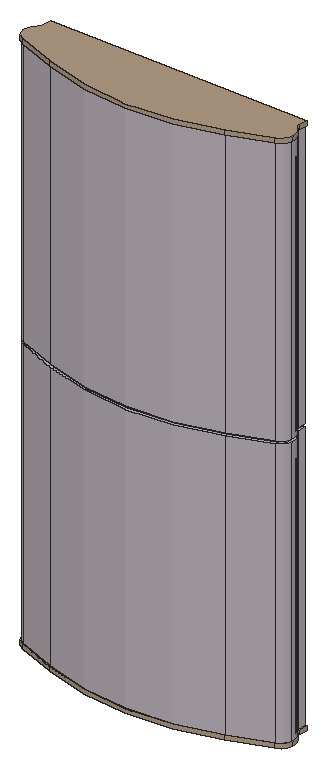
Revit family "Acoustic-Control_Wenger_Tunable-Panel", category Generic Models, Revit 2016
Family settings
  Part Type = Normal
  Can host rebar = No
  Round Connector Dimension = Use Diameter
  Work Plane-Based = Yes
  Always vertical = No
  Cut with Voids When Loaded = No
  Shared = No
  Room Calculation Point = No
Parameters (values of type "4 x 8 Diffuser")
  voidlocate = if(Unit Height = 8' 0", 1' 0", 2' 0")  # 1' - 0"
  Warranty Duration (Years) = 0
  Unit Width = 4' - 0"
  Unit Weight = 116
  Unit Height = 8' - 0"
  Unit Depth = 1' - 0"
  URL = "https://www.wengercorp.com/"
  Tunable = no
  Standards Conformance = "Acoustical Performance ASTM C423-09a and E795-08  ;  Standard Fabric Class A Fire Rated ASTM E84"
  Specification = "http://www.arcat.com/sdspecs/htm04/11_60_01wen.htm"
  SpecWizard = "http://www.arcat.com/specwizard/11061wen/index04.htm"
  Sales Information = "https://www.wengercorp.com/contact-us.php"
  Revision = "R1_2017-12"
  Product Properties = ""
  Product Data = "http://www.arcat.com/arcatcos/cos36/arc36487.html"
  Mounting Height [instance] = 9' - 0"
  Model = "Tunable Acoustic Panel Diffuser"
  Manufacturer Website = "https://www.wengercorp.com/"
  Manufacturer Phone - Toll Free = ""
  Manufacturer Phone = ""
  Manufacturer Fax = ""
  Manufacturer Address = ""
  Manufacturer = "Wenger Corporation"
  Maintenance Schedule (Months) = 0
  Keynote = "11 60 01"
  Installation-Fabrication = ""
  Installation Phase = ""
  Handle Finish [instance] = Finish - Wenger - Black
  Green Building-LEED = "http://www.arcat.com/green/clients/leed_data_36487.html"
  Frame Finish [instance] = Finish - Wenger - Woodgrain as Specified
  Fabric Color [instance] = Fabric - Wenger - Type as Specified
  Expected Lifespan (Years) = 0
  Drawn By = "Sumex Design, Inc. / Robert S. Weygant, CSI, CDT, SCIP"
  Description = "Wenger Wall Mounted Tunable Acoustic Panel - as Specified"
  Default Elevation = 0' - 0"
  Copyright = "©Arcat Inc."
  Construction Details = "http://www.arcat.com/details/wengerco/wengerco.html?coid=36487"
  Assembly Code = "E1020300"
Types (6): name | voidlocate | Unit Weight | Unit Height | Tunable | Model
  4 x 8 Diffuser | 1' - 0" | 116 | 8' - 0" | no | "Tunable Acoustic Panel Diffuser"
  4 x 8 Absorber | 1' - 0" | 110 | 8' - 0" | no | "Tunable Acoustic Panel Absorber"
  4 x 8 Tunable Absorber Diffuser | 1' - 0" | 155 | 8' - 0" | yes | "Tunable Acoustic Panel Absorber Diffuser"
  4 x 4 Diffuser | 2' - 0" | 72 | 4' - 0" | no | "Tunable Acoustic Panel Diffuser"
  4 x 4 Absorber | 2' - 0" | 69 | 4' - 0" | no | "Tunable Acoustic Panel Absorber"
  4 x 4 Tunable Absorber Diffuser | 2' - 0" | 92 | 4' - 0" | yes | "Tunable Acoustic Panel Absorber Diffuser"
Reference planes (in)
  plane 1 "Center (Front/Back)": y = 0
  plane 2 "Bottom": z = 0
  plane 3 "Center (Left/Right)": x = 0
  plane 4 "Front": y = -6
  plane 5 "Back": y = 6
  plane 6 "Left": x = -24
  plane 7 "Right": x = 24
  plane 8: z = 108
  plane 9: z = 12
  plane 10: z = 107.25
  plane 11: z = 12.75
  plane 12: y = -6
  plane 13: z = 60
Forms (in)
  Extrusion 1, solid, material "Finish - Wenger - Woodgrain as Specified" <- "Frame Finish"
    sketch origin (-26.3908, -180, 12) x (-1, 0, 0) y (0, -1, 0)
      loop
        line (-3.9238, -186) -> (-3.9238, -184.32)
        arc (-3.9238, -184.32) -> (-3.83493, -183.93578) -> (-3.58637, -183.62961) r 0.875
        arc (-3.58637, -183.62961) -> (-2.85047, -182.66972) -> (-2.67712, -181.4727) r 2.39628
        arc (-2.67712, -181.4727) -> (-3.16885, -180.26542) -> (-4.21981, -179.4942) r 2.39628
        line (-4.21981, -179.4942) -> (-10.98972, -176.96454)
        arc (-10.98972, -176.96454) -> (-26.3908, -174.18113) -> (-41.79187, -176.96454) r 44
        line (-41.79187, -176.96454) -> (-48.56178, -179.4942)
        arc (-48.56178, -179.4942) -> (-49.61274, -180.26542) -> (-50.10447, -181.4727) r 2.39628
        arc (-50.10447, -181.4727) -> (-49.93112, -182.66972) -> (-49.19522, -183.62961) r 2.39628
        arc (-49.19522, -183.62961) -> (-48.94667, -183.93578) -> (-48.8578, -184.32) r 0.875
        line (-48.8578, -184.32) -> (-48.8578, -186) -> (-3.9238, -186)
    from 0 to 0.75
  Revolve 2, solid, material "Finish - Wenger - Black" <- "Handle Finish", visible <- "Tunable"
    sketch origin (-6.75865, -1.02959, 7.19909) x (1, 0, 0) y (0, 0, 1)
      loop
        line (0.34113, 4.80091) -> (0.34113, 4.49391) -> (0.15992, 4.49391) -> (-0.0196, 0.81166) -> (0.53049, 0.81166) -> (0.53049, 4.80091) -> (0.34113, 4.80091)
      axis (0.53049, 4.80091) -> (0.53049, 0.81166)
    angle from 0 to 360
  Extrusion 3, solid, material "Finish - Wenger - Black" <- "Handle Finish", visible <- "Tunable"
    sketch origin (-26.3908, -180, 12) x (-1, 0, 0) y (0, -1, 0)
      loop
        arc (-21.65091, -179.66597) -> (-19.70457, -179.75907) -> (-19.42611, -177.8305) r 1.44872
        arc (-19.42611, -177.8305) -> (-26.39162, -174.82734) -> (-33.35712, -177.8305) r 9.57943
        arc (-33.35712, -177.8305) -> (-33.07879, -179.75913) -> (-31.13241, -179.66606) r 1.44871
        arc (-31.13241, -179.66606) -> (-26.39168, -177.70234) -> (-21.65091, -179.66597) r 6.70443
      loop
        arc (-32.27071, -179.04867) -> (-26.40317, -176.45234) -> (-20.52812, -179.0316) r 7.95443
        arc (-20.52812, -179.0316) -> (-20.1749, -179.04695) -> (-20.15955, -178.69373) r 0.25
        arc (-20.15955, -178.69373) -> (-26.39104, -175.95234) -> (-32.62291, -178.69289) r 8.45443
        arc (-32.62291, -178.69289) -> (-32.61544, -179.03853) -> (-32.27071, -179.04867) r 0.25
    from 0 to -0.125
  Extrusion 4, solid, material "Finish - Wenger - Woodgrain as Specified" <- "Frame Finish"
    sketch origin (-26.3908, -180, 108) x (-1, 0, 0) y (0, -1, 0)
      loop
        line (-3.9238, -186) -> (-3.9238, -184.32)
        arc (-3.9238, -184.32) -> (-3.83493, -183.93578) -> (-3.58637, -183.62961) r 0.875
        arc (-3.58637, -183.62961) -> (-2.85047, -182.66972) -> (-2.67712, -181.4727) r 2.39628
        arc (-2.67712, -181.4727) -> (-3.16885, -180.26542) -> (-4.21981, -179.4942) r 2.39628
        line (-4.21981, -179.4942) -> (-10.98972, -176.96454)
        arc (-10.98972, -176.96454) -> (-26.3908, -174.18113) -> (-41.79187, -176.96454) r 44
        line (-41.79187, -176.96454) -> (-48.56178, -179.4942)
        arc (-48.56178, -179.4942) -> (-49.61274, -180.26542) -> (-50.10447, -181.4727) r 2.39628
        arc (-50.10447, -181.4727) -> (-49.93112, -182.66972) -> (-49.19522, -183.62961) r 2.39628
        arc (-49.19522, -183.62961) -> (-48.94667, -183.93578) -> (-48.8578, -184.32) r 0.875
        line (-48.8578, -184.32) -> (-48.8578, -186) -> (-3.9238, -186)
    from 0 to -0.75
  Extrusion 5, solid, material "Fabric - Wenger - Type as Specified" <- "Fabric Color"
    sketch origin (-19.5, -180, 12.75) x (0, -1, 0) y (-1, 0, 0)
      loop
        arc (-179.66984, 2.60535) -> (-180.38072, 3.57408) -> (-181.49353, 4.02734) r 2.20878
        arc (-181.49353, 4.02734) -> (-182.59689, 3.86755) -> (-183.48166, 3.18923) r 2.20878
        arc (-183.48166, 3.18923) -> (-183.85345, 2.88741) -> (-184.32, 2.7795) r 1.0625
        line (-184.32, 2.7795) -> (-186, 2.7795) -> (-186, -41.7795) -> (-184.32, -41.7795)
        arc (-184.32, -41.7795) -> (-183.85345, -41.88741) -> (-183.48166, -42.18923) r 1.0625
        arc (-183.48166, -42.18923) -> (-182.59689, -42.86755) -> (-181.49353, -43.02734) r 2.20878
        arc (-181.49353, -43.02734) -> (-180.38072, -42.57408) -> (-179.66984, -41.60535) r 2.20878
        line (-179.66984, -41.60535) -> (-177.14018, -34.83545)
        arc (-177.14018, -34.83545) -> (-174.36863, -19.5) -> (-177.14018, -4.16455) r 43.8125
        line (-177.14018, -4.16455) -> (-179.66984, 2.60535)
    from 0 to -94.5
  Sweep 6, void
    path origin (-28.64468, -6, 48) x (-1, 0, 0) y (0, 0, 1)
      loop
        line (-28.64468, 11.75) -> (-28.64468, 12.25)
    profile origin (0, -6, 60) x (1, 0, 0) y (0, 1, 0)
      loop
        line (15.33545, 3.14018) -> (22.10535, 5.66984)
        arc (22.10535, 5.66984) -> (23.07408, 6.38072) -> (23.52734, 7.49353) r 2.20878
        arc (23.52734, 7.49353) -> (23.36755, 8.59689) -> (22.68923, 9.48166) r 2.20878
        arc (22.68923, 9.48166) -> (22.38741, 9.85345) -> (22.2795, 10.32) r 1.0625
        line (22.2795, 10.32) -> (22.2795, 12) -> (21.7795, 12) -> (21.7795, 10.32)
        arc (21.7795, 10.32) -> (21.9382, 9.63389) -> (22.38205, 9.08716) r 1.5625
        arc (22.38205, 9.08716) -> (22.90682, 8.40267) -> (23.03043, 7.54907) r 1.70878
        arc (23.03043, 7.54907) -> (22.67978, 6.68817) -> (21.93034, 6.13821) r 1.70878
        line (21.93034, 6.13821) -> (15.16043, 3.60855)
        arc (15.16043, 3.60855) -> (0, 0.86863) -> (-15.16043, 3.60855) r 43.3125
        line (-15.16043, 3.60855) -> (-21.93034, 6.13821)
        arc (-21.93034, 6.13821) -> (-22.67978, 6.68817) -> (-23.03043, 7.54907) r 1.70878
        arc (-23.03043, 7.54907) -> (-22.90682, 8.40267) -> (-22.38205, 9.08716) r 1.70878
        arc (-22.38205, 9.08716) -> (-21.9382, 9.63389) -> (-21.7795, 10.32) r 1.5625
        line (-21.7795, 10.32) -> (-21.7795, 12) -> (-22.2795, 12) -> (-22.2795, 10.32)
        arc (-22.2795, 10.32) -> (-22.38741, 9.85345) -> (-22.68923, 9.48166) r 1.0625
        arc (-22.68923, 9.48166) -> (-23.36755, 8.59689) -> (-23.52734, 7.49353) r 2.20878
        arc (-23.52734, 7.49353) -> (-23.07408, 6.38072) -> (-22.10535, 5.66984) r 2.20878
        line (-22.10535, 5.66984) -> (-15.33545, 3.14018)
        arc (-15.33545, 3.14018) -> (0, 0.36863) -> (15.33545, 3.14018) r 43.8125
Cuts and joins
  Sweep 6 cuts Extrusion 5
Dimensions and locks (in)
  equal spacing: plane 6 "Left", plane 3 "Center (Left/Right)", plane 7 "Right"
  "Unit Width": plane 6 "Left" to plane 7 "Right"
  equal spacing: plane 5 "Back", plane 1 "Center (Front/Back)", plane 4 "Front"
  "Unit Depth": plane 5 "Back" to plane 4 "Front"
  "Mounting Height": plane 8 to level
  "Unit Height": plane 8 to plane 9
  plane 9 to Revolve 2 sketch curve to Revolve 2 sketch curve to Revolve 2 sketch curve = 0' - 0" locked, 0' - 0.307" locked, 0' - 3.68225" locked
  "voidlocate": plane 5 "Back" to plane 12
  locked: plane 8 to plane 10 at 0.75
  locked: plane 11 to plane 9 at 0.75
  equal spacing: plane 8, plane 13, plane 9
  Sweep 6 sketch curve to plane 13 to Sweep 6 sketch curve = 0' - 0 1/4" locked, 0' - 0 1/4" locked
  aligned and locked: Extrusion 5 to plane 10
  aligned and locked: plane 3 "Center (Left/Right)" to Sweep 6 sketch curve
Automatic sketch dimensions
  Extrusion 1 sketch curve to Extrusion 1 sketch curve = 0' - 0"  (x4)
  Extrusion 1 sketch curve to plane 5 "Back" = 0' - 0"
  Extrusion 1 sketch curve to plane 3 "Center (Left/Right)" = 0' - 0"
  plane 4 "Front" to Extrusion 1 sketch curve = 0' - 2.96454"  (x2)
  Extrusion 1 sketch curve to plane 7 "Right" = 0' - 8.59892"
  Extrusion 1 sketch curve to plane 7 "Right" = 0' - 2.66777"
  plane 1 "Center (Front/Back)" to Extrusion 1 sketch curve = 0' - 0.5058"  (x2)
  Extrusion 1 sketch curve to plane 7 "Right" = 0' - 1.82902"
  Extrusion 1 sketch curve to plane 7 "Right" = 0' - 1.533"
  Extrusion 1 sketch curve to plane 7 "Right" = 0' - 0.658"
  plane 6 "Left" to Extrusion 1 sketch curve = 0' - 2.66777"
  plane 6 "Left" to Extrusion 1 sketch curve = 0' - 1.82902"
  plane 6 "Left" to Extrusion 1 sketch curve = 0' - 1.533"
  plane 6 "Left" to Extrusion 1 sketch curve = 0' - 0.658"
  plane 5 "Back" to Extrusion 1 sketch curve = 2' - 8.18113"
  Extrusion 1 sketch curve to plane 5 "Back" = 0' - 1.68"  (x2)
  Extrusion 1 sketch curve to plane 1 "Center (Front/Back)" = 0' - 1.7389"  (x2)
  Extrusion 1 sketch curve to plane 7 "Right" = 0' - 0.28632"
  plane 6 "Left" to Extrusion 1 sketch curve = 0' - 0.28632"
  Revolve 2 sketch curve to plane 3 "Center (Left/Right)" = 0' - 6.77825"
  Revolve 2 sketch curve to Revolve 2 sketch curve = 0' - 0.17952"
  Revolve 2 sketch curve to Revolve 2 sketch curve = 0' - 0.18122"
  Revolve 2 sketch curve to Revolve 2 sketch curve = 0' - 0.18936"
  Revolve 2 sketch curve to Revolve 2 sketch curve = 0' - 0"
  Revolve 2 sketch curve to Revolve 2 sketch curve = 0' - 0.32055"
  Revolve 2 sketch curve to plane 9 = 0' - 0.0598"
  Extrusion 4 sketch curve to Extrusion 4 sketch curve = 0' - 0"  (x4)
  Extrusion 4 sketch curve to plane 5 "Back" = 0' - 0"
  Extrusion 4 sketch curve to plane 3 "Center (Left/Right)" = 0' - 0"
  plane 4 "Front" to Extrusion 4 sketch curve = 0' - 2.96454"  (x2)
  Extrusion 4 sketch curve to plane 7 "Right" = 0' - 8.59892"
  Extrusion 4 sketch curve to plane 7 "Right" = 0' - 2.66777"
  plane 1 "Center (Front/Back)" to Extrusion 4 sketch curve = 0' - 0.5058"  (x2)
  Extrusion 4 sketch curve to plane 7 "Right" = 0' - 1.82902"
  Extrusion 4 sketch curve to plane 7 "Right" = 0' - 1.533"
  Extrusion 4 sketch curve to plane 7 "Right" = 0' - 0.658"
  plane 6 "Left" to Extrusion 4 sketch curve = 0' - 2.66777"
  plane 6 "Left" to Extrusion 4 sketch curve = 0' - 1.82902"
  plane 6 "Left" to Extrusion 4 sketch curve = 0' - 1.533"
  plane 6 "Left" to Extrusion 4 sketch curve = 0' - 0.658"
  plane 5 "Back" to Extrusion 4 sketch curve = 2' - 8.18113"
  Extrusion 4 sketch curve to plane 5 "Back" = 0' - 1.68"  (x2)
  Extrusion 4 sketch curve to plane 1 "Center (Front/Back)" = 0' - 1.7389"  (x2)
  Extrusion 4 sketch curve to plane 7 "Right" = 0' - 0.28632"
  plane 6 "Left" to Extrusion 4 sketch curve = 0' - 0.28632"
  Extrusion 5 sketch curve to Extrusion 5 sketch curve = 0' - 0"  (x4)
  Extrusion 5 sketch curve to plane 3 "Center (Left/Right)" = 0' - 0"
  Extrusion 5 sketch curve to plane 5 "Back" = 0' - 0"
  plane 5 "Back" to Extrusion 5 sketch curve = 2' - 8.18113"
  Extrusion 5 sketch curve to plane 5 "Back" = 0' - 1.68"  (x2)
  Extrusion 5 sketch curve to plane 1 "Center (Front/Back)" = 0' - 1.7389"  (x2)
  plane 1 "Center (Front/Back)" to Extrusion 5 sketch curve = 0' - 0.33016"  (x2)
  plane 1 "Center (Front/Back)" to Extrusion 5 sketch curve = 0' - 2.85982"  (x2)
  plane 6 "Left" to Extrusion 5 sketch curve = 0' - 8.66455"
  plane 6 "Left" to Extrusion 5 sketch curve = 0' - 2.66777"
  plane 6 "Left" to Extrusion 5 sketch curve = 0' - 1.89465"
  plane 6 "Left" to Extrusion 5 sketch curve = 0' - 1.7205"
  plane 6 "Left" to Extrusion 5 sketch curve = 0' - 0.658"
  Extrusion 5 sketch curve to plane 7 "Right" = 0' - 2.66777"
  Extrusion 5 sketch curve to plane 7 "Right" = 0' - 1.89465"
  Extrusion 5 sketch curve to plane 7 "Right" = 0' - 1.7205"
  Extrusion 5 sketch curve to plane 7 "Right" = 0' - 0.658"
  plane 6 "Left" to Extrusion 5 sketch curve = 0' - 0 121/256"
  Extrusion 5 sketch curve to plane 7 "Right" = 0' - 0 121/256"
  Extrusion 3 sketch curve to Extrusion 3 sketch curve = 0' - 0"  (x16)
  plane 1 "Center (Front/Back)" to Extrusion 3 sketch curve = 0' - 1.13733"
  plane 3 "Center (Left/Right)" to Extrusion 3 sketch curve = 0' - 6.04696"
  Extrusion 3 sketch curve to Extrusion 3 sketch curve = 0' - 0.28095"
  plane 3 "Center (Left/Right)" to Extrusion 3 sketch curve = 0' - 0.00082"
  plane 1 "Center (Front/Back)" to Extrusion 3 sketch curve = 0' - 1.35844"
  Extrusion 3 sketch curve to plane 3 "Center (Left/Right)" = 0' - 5.76427"
  Extrusion 3 sketch curve to Extrusion 3 sketch curve = 0' - 0.28268"
  Extrusion 3 sketch curve to plane 5 "Back" = 0' - 1.59324"
  Extrusion 3 sketch curve to Extrusion 3 sketch curve = 0' - 0.2211"
  Extrusion 3 sketch curve to Extrusion 3 sketch curve = 0' - 0.22099"
  Extrusion 3 sketch curve to Extrusion 3 sketch curve = 0' - 0.18426"
  Extrusion 3 sketch curve to Extrusion 3 sketch curve = 0' - 0.00089"
  Extrusion 3 sketch curve to Extrusion 3 sketch curve = 0' - 0.73421"
  Extrusion 3 sketch curve to Extrusion 3 sketch curve = 0' - 0.16705"
  plane 1 "Center (Front/Back)" to Extrusion 3 sketch curve = 0' - 0.33394"
  Extrusion 3 sketch curve to Extrusion 3 sketch curve = 0' - 0.18428"
  Sweep 6 sketch curve to Sweep 6 sketch curve = 0' - 0"  (x30)
  Sweep 6 sketch curve to profile plane = 0' - 0"
  plane 12 to Sweep 6 sketch curve = 0' - 3.60855"  (x2)
  profile plane to Sweep 6 sketch curve = 1' - 3.16043"
  plane 12 to Sweep 6 sketch curve = 0' - 3.14018"  (x2)
  Sweep 6 sketch curve to Sweep 6 sketch curve = 0' - 0.17501"  (x3)
  Sweep 6 sketch curve to Sweep 6 sketch curve = 0' - 6.17179"  (x2)
  Sweep 6 sketch curve to Sweep 6 sketch curve = 0' - 0.44727"  (x2)
  plane 12 to Sweep 6 sketch curve = 0' - 6.13821"  (x2)
  Sweep 6 sketch curve to Sweep 6 sketch curve = 0' - 0.59812"  (x2)
  plane 12 to Sweep 6 sketch curve = 0' - 5.66984"  (x2)
  Sweep 6 sketch curve to Sweep 6 sketch curve = 0' - 0 1/2"  (x2)
  Sweep 6 sketch curve to Sweep 6 sketch curve = 0' - 1 1/16"  (x2)
  Sweep 6 sketch curve to Sweep 6 sketch curve = 0' - 1.60068"  (x2)
  Sweep 6 sketch curve to Sweep 6 sketch curve = 0' - 2.5811"  (x2)
  Sweep 6 sketch curve to Sweep 6 sketch curve = 0' - 1.68"  (x2)
  Sweep 6 sketch curve to Sweep 6 sketch curve = 2' - 8.18113"
  Sweep 6 sketch curve to Sweep 6 sketch curve = 0' - 0.64838"  (x2)
  Sweep 6 sketch curve to Sweep 6 sketch curve = 0' - 0.49691"  (x2)
